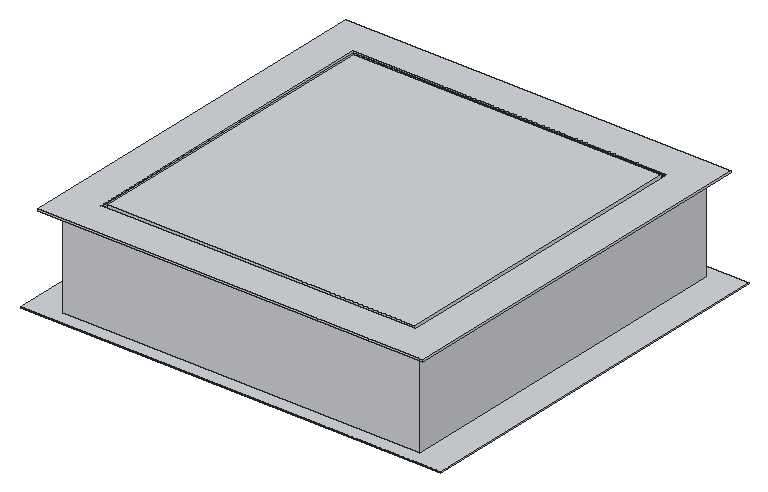
Revit family "Estrichüberdecktes Kanalsystem EÜK_UZD350-3_für_Estrichhöhe_115-170 mm", category Generic Models, Revit 2015
Parameters (values of type "UZD 115170 350-3")
  URL = "http://www.obo-bettermann.com"
  Size "b" = 383 mm
  Size "a" = 362 mm
  Material = Steel, Galvanized
  Manufacturer Art. No. = "7410047"
  Manufacturer = "OBO Bettermann"
  HeightCalc = if(Height < 115 mm, 115 mm, (if(Height > 170 mm, 170 mm, Height)))  # 115 mm
  Height = 70 mm
  GTIN = "4012195431671"
  Cover Width = 373 mm
  Article Type = "UZD 115170350-3"
  "B" Dimension = 510 mm
  "A" Dimension = 467 mm
Reference planes
  plane 1 "Center (Front/Back)": y = 0
  plane 2: z = 0
  plane 3 "Center (Left/Right)": x = 0
  plane 4: z = 1
  plane 5: x = -255
  plane 6: y = -233.5
  plane 7: x = 255
  plane 8: y = 233.5
  plane 9: y = -217
  plane 10: x = 217
  plane 11: y = 217
  plane 12: x = -217
  plane 13: z = 113
  plane 14: z = 115
  plane 15: x = -233.5
  plane 16: x = 233.5
  plane 17: y = 191.5
  plane 18: x = 191.5
  plane 19: x = -191.5
  plane 20: y = -191.5
  plane 21: z = 111
  plane 22: y = 181
  plane 23: y = -181
  plane 24: x = 181
  plane 25: x = -181
  plane 26: y = -186.5
  plane 27: x = 186.5
  plane 28: y = 186.5
  plane 29: x = -186.5
Forms (mm)
  Extrusion 1, solid
    sketch origin (0, 0, 0) x (1, 0, 0) y (0, 1, 0)
      loop
        line (255, 233.5) -> (-255, 233.5) -> (-255, -233.5) -> (255, -233.5) -> (255, 233.5)
    from 0 to 1
  Extrusion 2, solid
    sketch origin (0, 0, 0) x (1, 0, 0) y (0, 1, 0)
      loop
        line (-217, 217) -> (-217, -217) -> (217, -217) -> (217, 217) -> (-217, 217)
    from 1 to 113
  Extrusion 3, solid
    sketch origin (0, 0, 0) x (1, 0, 0) y (0, 1, 0)
      loop
        line (-233.5, 233.5) -> (-233.5, -233.5) -> (233.5, -233.5) -> (233.5, 233.5) -> (-233.5, 233.5)
    from 113 to 115
  Extrusion 4, void
    sketch origin (0, 0, 0) x (1, 0, 0) y (0, 1, 0)
      loop
        line (-191.5, 191.5) -> (-191.5, -191.5) -> (191.5, -191.5) -> (191.5, 191.5) -> (-191.5, 191.5)
    from 111 to 115
  Extrusion 5, void
    sketch origin (0, 0, 0) x (1, 0, 0) y (0, 1, 0)
      loop
        line (-181, 181) -> (-181, -181) -> (181, -181) -> (181, 181) -> (-181, 181)
    from 1 to 111
  Extrusion 6, solid
    sketch origin (0, 0, 0) x (1, 0, 0) y (0, 1, 0)
      loop
        line (-186.5, 186.5) -> (-186.5, -186.5) -> (186.5, -186.5) -> (186.5, 186.5) -> (-186.5, 186.5)
    from 111 to 115
Cuts and joins
  Extrusion 4, Extrusion 5 cuts Extrusion 1
  Extrusion 4, Extrusion 5 cuts Extrusion 2
  Extrusion 4 cuts Extrusion 3
Lines and regions (mm)
  model lines
    curve 1: line (255, 233.5, 0) -> (-255, 233.5, 0)
    curve 2: line (255, 233.5, 0) -> (255, -233.5, 0)
    curve 3: line (255, -233.5, 0) -> (-255, -233.5, 0)
    curve 4: line (-255, -233.5, 0) -> (-255, 233.5, 0)
    curve 5: line (-217, 217, 0) -> (217, 217, 0)
    curve 6: line (217, 217, 0) -> (217, -217, 0)
    curve 7: line (217, -217, 0) -> (-217, -217, 0)
    curve 8: line (-217, -217, 0) -> (-217, 217, 0)
    curve 9: line (-233.5, 233.5, 0) -> (-233.5, -233.5, 0)
    curve 10: line (233.5, -233.5, 0) -> (233.5, 233.5, 0)
    curve 11: line (-191.5, 191.5, 0) -> (191.5, 191.5, 0)
    curve 12: line (191.5, 191.5, 0) -> (191.5, -191.5, 0)
    curve 13: line (191.5, -191.5, 0) -> (-191.5, -191.5, 0)
    curve 14: line (-191.5, -191.5, 0) -> (-191.5, 191.5, 0)
    curve 15: line (-181, 181, 0) -> (181, 181, 0)
    curve 16: line (181, 181, 0) -> (181, -181, 0)
    curve 17: line (181, -181, 0) -> (-181, -181, 0)
    curve 18: line (-181, -181, 0) -> (-181, 181, 0)
    curve 19: line (-186.5, 186.5, 0) -> (186.5, 186.5, 0)
    curve 20: line (186.5, 186.5, 0) -> (186.5, -186.5, 0)
    curve 21: line (186.5, -186.5, 0) -> (-186.5, -186.5, 0)
    curve 22: line (-186.5, -186.5, 0) -> (-186.5, 186.5, 0)
Dimensions and locks
  locked: level to plane 4 at 1
  equal spacing: plane 6, plane 1 "Center (Front/Back)", plane 8
  ""A" Dimension": plane 6 to plane 8
  equal spacing: plane 5, plane 3 "Center (Left/Right)", plane 7
  ""B" Dimension": plane 5 to plane 7
  locked: plane 13 to plane 14 at 2
  equal spacing: plane 19, plane 3 "Center (Left/Right)", plane 18
  "Size "b"": plane 19 to plane 18
  equal spacing: plane 17, plane 1 "Center (Front/Back)", plane 20
  "Size "b"": plane 17 to plane 20
  "HeightCalc": level to plane 14
  locked: plane 21 to plane 14 at 4
  equal spacing: plane 25, plane 3 "Center (Left/Right)", plane 24
  "Size "a"": plane 25 to plane 24
  equal spacing: plane 22, plane 1 "Center (Front/Back)", plane 23
  "Size "a"": plane 22 to plane 23
  equal spacing: plane 29, plane 3 "Center (Left/Right)", plane 27
  "Cover Width": plane 29 to plane 27
  equal spacing: plane 28, plane 1 "Center (Front/Back)", plane 26
  "Cover Width": plane 28 to plane 26
  locked: plane 11 to plane 8 at 16.5
  locked: plane 9 to plane 6 at 16.5
  locked: plane 10 to plane 7 at 38
  locked: plane 5 to plane 12 at 38
  locked: plane 5 to plane 15 at 21.5
  locked: plane 16 to plane 7 at 21.5
  aligned and locked: level to plane 2
  aligned and locked: plane 7 to curve 2
  aligned and locked: plane 5 to curve 4
  aligned and locked: Extrusion 1 sketch curve to curve 1
  aligned and locked: Extrusion 1 sketch curve to curve 2
  aligned and locked: Extrusion 1 sketch curve to curve 3
  aligned and locked: Extrusion 1 sketch curve to curve 4
  aligned and locked: plane 4 to Extrusion 1
  aligned and locked: plane 11 to curve 5
  aligned and locked: curve 6 to plane 10
  aligned and locked: plane 9 to curve 7
  aligned and locked: curve 8 to plane 12
  aligned and locked: Extrusion 2 sketch curve to curve 5
  aligned and locked: Extrusion 2 sketch curve to curve 6
  aligned and locked: Extrusion 2 sketch curve to curve 7
  aligned and locked: Extrusion 2 sketch curve to curve 8
  aligned and locked: plane 13 to Extrusion 2
  aligned and locked: Extrusion 2 to plane 4
  aligned and locked: curve 9 to plane 15
  aligned and locked: plane 16 to curve 10
  aligned and locked: Extrusion 3 sketch curve to curve 9
  aligned and locked: Extrusion 3 sketch curve to curve 10
  aligned and locked: plane 6 to Extrusion 3 sketch curve
  aligned and locked: Extrusion 3 sketch curve to plane 8
  aligned and locked: Extrusion 3 to plane 13
  aligned and locked: plane 14 to Extrusion 3
  aligned and locked: curve 11 to plane 17
  aligned and locked: curve 12 to plane 18
  aligned and locked: plane 20 to curve 13
  aligned and locked: curve 14 to plane 19
  aligned and locked: Extrusion 1 to level
  aligned and locked: Extrusion 4 sketch curve to curve 11
  aligned and locked: Extrusion 4 sketch curve to curve 12
  aligned and locked: Extrusion 4 sketch curve to curve 13
  aligned and locked: Extrusion 4 sketch curve to curve 14
  aligned and locked: plane 14 to Extrusion 4
  aligned and locked: Extrusion 4 to plane 21
  aligned and locked: curve 15 to plane 22
  aligned and locked: curve 16 to plane 24
  aligned and locked: plane 23 to curve 17
  aligned and locked: curve 18 to plane 25
  aligned and locked: Extrusion 5 sketch curve to curve 15
  aligned and locked: Extrusion 5 sketch curve to curve 18
  aligned and locked: Extrusion 5 sketch curve to curve 17
  aligned and locked: Extrusion 5 sketch curve to curve 16
  aligned and locked: plane 21 to Extrusion 5
  aligned and locked: Extrusion 5 to plane 4
  aligned and locked: curve 19 to plane 28
  aligned and locked: curve 20 to plane 27
  aligned and locked: curve 21 to plane 26
  aligned and locked: curve 22 to plane 29
  aligned and locked: Extrusion 6 sketch curve to curve 19
  aligned and locked: Extrusion 6 sketch curve to curve 22
  aligned and locked: Extrusion 6 sketch curve to curve 21
  aligned and locked: Extrusion 6 sketch curve to curve 20
  aligned and locked: Extrusion 6 to plane 21
  aligned and locked: plane 14 to Extrusion 6
Automatic sketch dimensions
  curve 10 to plane 6 = 0 mm
  plane 8 to curve 9 = 0 mm
